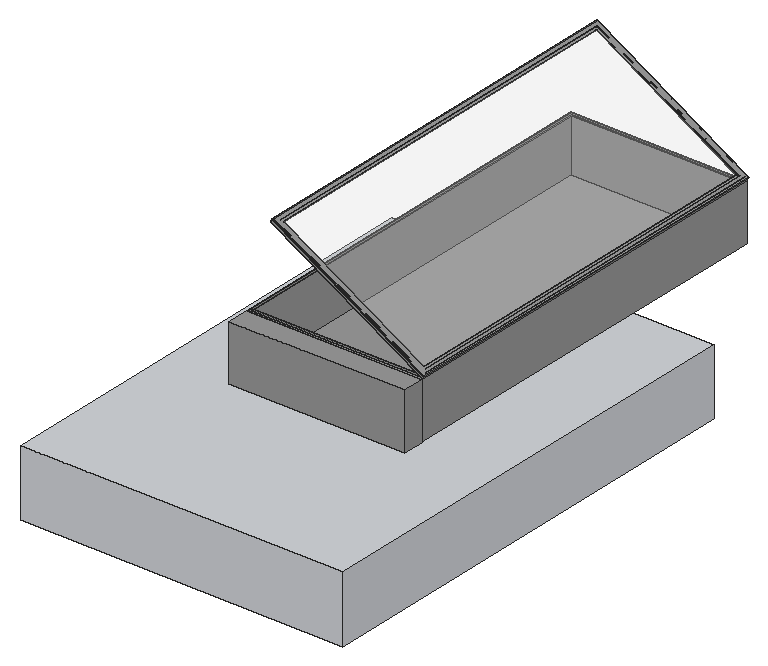
Revit family "Hager-Univers-IP55-D275-H1950-Cl.I-Steel_encl-AT-de", category Equipement électrique, Revit 2020
Family settings
  Hôte = Face
  Configuration du panneau = Deux colonnes, circuits au sein
  Cote de connecteur circulaire = Utiliser le diamètre
  Type d'élément = Tableau de raccordement
  Couper avec des vides une fois chargée = Non
  Partagée = Non
  Point de calcul de pièce = Non
Parameters (values of type "Bodenaufstellung IP55 B800 H1950 T275  - FR23K1")
  Width Control [instance] = if([EF000008 - Breite] > Min Width, [EF000008 - Breite], Min Width)  # 800 mm
  Commentaires du type = [HG000003 - Bereich]  # "Univers"
  Thickness Door [instance] = if([EF009171 - Materialstärke Tür/Deckel] > 3 mm, 3 mm, [EF009171 - Materialstärke Tür/Deckel])  # 1.5 mm
  Seal Frame Offset [instance] = 17 mm  # constant formula
  Plinth Visibility [instance] = [HG000027 - Sockelhöhe] > 0 mm  # yes
  Model = ""
  Min Width [instance] = 100 mm  # constant formula
  Min Height [instance] = 100 mm  # constant formula
  Min Depth [instance] = (2 * [EF009170 - Materialstärke Gehäuse]) + 1 mm  # 4 mm
  Internal Frame Depth [instance] = (Door System Depth * 0.5)  # 9 mm
  Height Control [instance] = if([EF000040 - Höhe] > Min Height, [EF000040 - Höhe], Min Height)  # 1950 mm
  HG000027 - Sockelhöhe = 100 mm
  HG000026 - Stehend auf dem Boden = yes
  HG000024 - Höhe des unteren Teils = 800 mm
  HG000023 - Gehäuse mit doppeltem Querschnitt = no
  HG000016 - 3D-Türsichtbarkeit [instance] = yes
  HG000015 - Sichtbarkeit der Türöffnung [instance] = no
  HG000014 - Tür rechts [instance] = yes
  HG000013 - Tür links [instance] = not([HG000014 - Tür rechts])  # no
  HG000012 - Türschwenkwinkel [instance] = 30.00°
  HG000010 - Asymmetrische Türen = no
  HG000009 - Doppelflügeligen Tür = no
  HG000006 - Unterputz = no
  HG000004 - Herstellerreferenz = "FR23K1"
  HG000003 - Bereich = "Univers"
  HG000002 - Mit tür = yes
  Frame Offset Bottom [instance] = 10 mm  # constant formula
  Frame Offset [instance] = 15 mm  # constant formula
  EF015940 - Deckel mit Überdruckentlastung = no
  EF011959 - Schutzart (NEMA) = ""
  EF009554 - Anzahl der Öffnungen für Flanschplatten = 6
  Fabricant = "Hager"  # constant formula
  EF009212 - Ausführung Deckel = "EV000116 - geschlossen"
  EF009171 - Materialstärke Tür/Deckel = 1.5 mm
  EF009170 - Materialstärke Gehäuse = 1.5 mm
  EF008873 - Nennstrom (In) = 800 A
  EF007800 - Geeignet für Blitzschutz = no
  EF006306 - Mit Schloss = no
  EF006244 - Transparenter Deckel/Tür = yes
  EF005474 - Schutzart (IP) = "EV006420 - IP55"
  EF004464 - Art der Tür = "EV002646 - Einzel"
  EF004427 - Anzahl der Module = 432
  EF004293 - Schlagfestigkeit = "EV008784 - IK10"
  EF003532 - Geeignet für Außengebrauch = no
  EF002950 - Breite in Teilungseinheiten = 24
  EF001613 - Funktionserhalt = "EV000494 - ohne"
  EF001596 - Werkstoff des Gehäuses = "EV000179 - Stahl"
  EF001131 - Innentiefe = 275 mm
  EF001088 - Anbaumöglichkeit = yes
  EF000437 - Anzahl der Leitungseinführungen = 6
  EF000339 - Art der Abdeckung = "EV004216 - Tür"
  EF000266 - Anzahl der Reihen = 12
  EF000218 - Einbautiefe = 0 mm
  EF000118 - Mit Montageplatte = no
  EF000116 - RAL-Nummer = "7035"
  EF000049 - Tiefe = 275 mm
  EF000040 - Höhe = 1950 mm
  EF000008 - Breite = 800 mm
  EF000007 - Farbe = "EV000270 - grau"
  EF000003 - Montageart = "EV012274 - Bodenaufstellung"
  Door System Leaf Tolerance [instance] = 1.5 mm  # constant formula
  Door System Depth [instance] = 18 mm  # constant formula
  Door Height [instance] = Height Control - [HG000027 - Sockelhöhe]  # 1850 mm
  Depth Control [instance] = if([EF000049 - Tiefe] > Min Depth, [EF000049 - Tiefe], Min Depth)  # 275 mm
  Default Elevation = 0 mm
  Connector Offset [instance] = Height Control / 2  # 975 mm
  Bottom Top Plate Trim [instance] = 1.5 mm  # constant formula
  Plinth height Ctrl [instance] = if([HG000027 - Sockelhöhe] > 0 mm, [HG000027 - Sockelhöhe], 12 mm)  # 100 mm
Types (11, lengths in mm): name | Width Control | HG000010 - Asymmetrische Türen | HG000009 - Doppelflügeligen Tür | HG000004 - Herstellerreferenz | EF009554 - Anzahl der Öffnungen für Flanschplatten | EF006244 - Transparenter Deckel/Tür | EF004464 - Art der Tür | EF004427 - Anzahl der Module | EF000437 - Anzahl der Leitungseinführungen | EF000008 - Breite
  Bodenaufstellung IP55 B1050 H1950 T275  - FR24E1 | 1050 | yes | yes | "FR24E1" | 8 | no | "EV003602 - Doppel" | 576 | 8 | 1050
  Bodenaufstellung IP55 B1050 H1950 T275  - FR24K1 | 1050 | yes | yes | "FR24K1" | 8 | yes | "EV003602 - Doppel" | 576 | 8 | 1050
  Bodenaufstellung IP55 B1300 H1950 T275  - FR25E1 | 1300 | yes | yes | "FR25E1" | 10 | no | "EV003602 - Doppel" | 720 | 10 | 1300
  Bodenaufstellung IP55 B1300 H1950 T275  - FR25K1 | 1300 | yes | yes | "FR25K1" | 10 | yes | "EV003602 - Doppel" | 720 | 10 | 1300
  Bodenaufstellung IP55 B1550 H1950 T275  - FR26E1 | 1550 | yes | yes | "FR26E1" | 12 | no | "EV003602 - Doppel" | 864 | 12 | 1550
  Bodenaufstellung IP55 B1550 H1950 T275  - FR26K1 | 1550 | yes | yes | "FR26K1" | 12 | yes | "EV003602 - Doppel" | 864 | 12 | 1550
  Bodenaufstellung IP55 B300 H1950 T275  - FR21E1 | 300 | no | no | "FR21E1" | 2 | no | "EV002646 - Einzel" | 144 | 2 | 300
  Bodenaufstellung IP55 B550 H1950 T275  - FR22E1 | 550 | no | no | "FR22E1" | 4 | no | "EV002646 - Einzel" | 288 | 4 | 550
  Bodenaufstellung IP55 B550 H1950 T275  - FR22K1 | 550 | no | no | "FR22K1" | 4 | yes | "EV002646 - Einzel" | 288 | 4 | 550
  Bodenaufstellung IP55 B800 H1950 T275  - FR23E1 | 800 | no | no | "FR23E1" | 6 | no | "EV002646 - Einzel" | 432 | 6 | 800
  Bodenaufstellung IP55 B800 H1950 T275  - FR23K1 | 800 | no | no | "FR23K1" | 6 | yes | "EV002646 - Einzel" | 432 | 6 | 800
Reference planes
  plane 1 "Center (Front/Back)": y = 0
  plane 2: z = 0
  plane 3 "Center (Left/Right)": x = 0
  plane 4: z = 275
  plane 5: y = 101.5
  plane 6: y = 1025
  plane 7: y = 100
  plane 8: y = 1950
  plane 9: z = 0
  plane 10: x = -385
  plane 11: x = 385
  plane 12: x = 383.5
  plane 13: x = -383.5
  plane 14: y = 1948.5
  plane 15: x = -383
  plane 16: x = -400
  plane 17: x = 383
  plane 18: x = 400
  plane 19: x = 398.5
  plane 20: x = -398.5
  plane 21: y = 111.5
  plane 22: y = 1950
  plane 23: y = 1933.5
  plane 24: z = 257
  plane 25: z = 1.5
  plane 26: z = 255.5
  plane 27: z = 273.5
Forms (mm)
  Extrusion 1, solid
    sketch origin (0, 0, 0) x (1, 0, 0) y (0, 1, 0)
      loop
        line (-702.964, 1305) -> (-702.964, -811.445) -> (766.763, -811.445) -> (766.763, 1305) -> (-702.964, 1305)
    from 0 to -304.8
  Extrusion 2, solid, material "Hager_Steel_RAL7035_Light_Grey", visible <- "Plinth Visibility", detail levels medium+fine
    sketch origin (0, 0, 0) x (1, 0, 0) y (0, 1, 0)
      loop
        line (-400, 0) -> (400, 0) -> (400, 100) -> (-400, 100) -> (-400, 0)
    from 0 to 257
  Extrusion 3, solid, material "Hager_Steel_RAL7035_Light_Grey", detail levels medium+fine
    sketch origin (0, 0, 0) x (1, 0, 0) y (0, 1, 0)
      loop
        line (-400, 100) -> (400, 100) -> (400, 1950) -> (-400, 1950) -> (-400, 100)
    from 0 to 257
  Extrusion 4, void
    sketch origin (0, 0, 0) x (1, 0, 0) y (0, 1, 0)
      loop
        line (-398.5, 101.5) -> (398.5, 101.5) -> (398.5, 1948.5) -> (-398.5, 1948.5) -> (-398.5, 101.5)
    from 1.5 to 255.5
  Extrusion 5, void
    sketch origin (-381.607, -4572, 257) x (0, -1, 0) y (-1, 0, 0)
      loop
        line (-4683.5, 1.893) -> (-6505.5, 1.893) -> (-6505.5, -765.107) -> (-4683.5, -765.107) -> (-4683.5, 1.893)
    from 0 to 1.5 <- "EF009170 - Materialstärke Gehäuse"
  Extrusion 6, solid, material "Hager_Steel_RAL7035_Light_Grey", detail levels fine
    sketch origin (0, 0, 257) x (1, 0, 0) y (0, 1, 0)
      loop
        line (-383.5, 1933.5) -> (-383.5, 111.5) -> (383.5, 111.5) -> (383.5, 1933.5) -> (-383.5, 1933.5)
      loop
        line (-385, 110) -> (385, 110) -> (385, 1935) -> (-385, 1935) -> (-385, 110)
    from 0 to 9 <- "Internal Frame Depth"
  Extrusion 7, solid, material "Hager_Steel_RAL7035_Light_Grey", detail levels coarse
    sketch origin (0, 0, 0) x (1, 0, 0) y (0, 1, 0)
      loop
        line (-400, 0) -> (400, 0) -> (400, 1950) -> (-400, 1950) -> (-400, 0)
    from 0 to 275
  Sweep 8, void
    path in 3D
      loop
        line (-400, 100, 0) -> (400, 100, 0) -> (400, 100, 257) -> (-400, 100, 257) -> (-400, 100, 0)
    profile origin (-400, 100, 128.5) x (-1, 0, 0) y (0, -1, 0)
      loop
        line (0, 0) -> (0, 1.5) -> (-1.5, 1.5)
        arc (-1.5, 1.5) -> (-1.061, 0.439) -> (0, 0) r 1.5
Cuts and joins
  Extrusion 4, Extrusion 5 cuts Extrusion 3
  Sweep 8 cuts Extrusion 2
Lines and regions (mm)
  Masking region 1
    outline origin (0, 0, 0) x (1, 0, 0) y (0, 0, 1)
      loop
        line (-400, 275) -> (-400, 0) -> (400, 0) -> (400, 275) -> (-400, 275)
  Masking region 2, detail levels medium+fine
    outline origin (0, 140, 0) x (0, 1, 0) y (0, 0, 1)
      loop
        line (-40, 0) -> (1810, 0) -> (1810, 257) -> (-40, 257) -> (-40, 0)
  Masking region 3, not visible, detail levels medium+fine
    outline origin (0, 297.922, 0) x (0, 1, 0) y (0, 0, 1)
      loop
        line (738.578, 0) -> (778.578, 0) -> (778.578, 263.5)
        arc (778.578, 263.5) -> (775.649, 270.571) -> (768.578, 273.5) r 10
        line (768.578, 273.5) -> (738.578, 273.5) -> (738.578, 0)
  Masking region 4, detail levels coarse
    outline origin (0, 0, 180) x (0, 1, 0) y (0, 0, 1)
      loop
        line (0, -180) -> (1950, -180) -> (1950, 95) -> (0, 95) -> (0, -180)
  Masking region 5, visible <- "Plinth Visibility", detail levels medium+fine
    outline origin (0, 52.24, 12.345) x (0, 0, -1) y (0, 1, 0)
      loop
        line (10.845, 47.76) -> (-243.155, 47.76)
        arc (-243.155, 47.76) -> (-243.594, 46.699) -> (-244.655, 46.26) r 1.5
        line (-244.655, 46.26) -> (-244.655, -52.24) -> (12.345, -52.24) -> (12.345, 46.26)
        arc (12.345, 46.26) -> (11.285, 46.699) -> (10.845, 47.76) r 1.5
  Masking region 6, detail levels medium+fine
    outline origin (-381.607, -4572, 257) x (-1, 0, 0) y (0, -1, 0)
      loop
        line (18.393, -6522) -> (18.393, -4672) -> (-781.607, -4672) -> (-781.607, -6522) -> (18.393, -6522)
  Masking region 7, visible <- "Plinth Visibility", detail levels medium+fine
    outline origin (-381.607, -4727, 257) x (-1, 0, 0) y (0, -1, 0)
      loop
        arc (16.893, -4827) -> (17.332, -4825.939) -> (18.393, -4825.5) r 1.5
        line (18.393, -4825.5) -> (18.393, -4727) -> (-781.607, -4727) -> (-781.607, -4825.5)
        arc (-781.607, -4825.5) -> (-780.546, -4825.939) -> (-780.107, -4827) r 1.5
        line (-780.107, -4827) -> (16.893, -4827)
  Masking region 8, detail levels coarse
    outline origin (-442.548, -4669.526, 257) x (-1, 0, 0) y (0, -1, 0)
      loop
        line (-42.548, -6619.526) -> (-42.548, -4669.526) -> (-842.548, -4669.526) -> (-842.548, -6619.526) -> (-42.548, -6619.526)
  sketch lines
    curve 1: line (-400, 100, 257) -> (-400, 100, 0)
    curve 2: line (400, 100, 257) -> (-400, 100, 257)
    curve 3: line (400, 100, 257) -> (400, 100, 0)
    curve 4: line (-400, 100, 0) -> (400, 100, 0)
Dimensions and locks
  "Depth Control": plane 4 to Extrusion 1
  "HG000027 - Sockelhöhe": plane 1 "Center (Front/Back)" to plane 7
  "EF009170 - Materialstärke Gehäuse": plane 5 to plane 7
  locked: connector elem to plane 3 "Center (Left/Right)"
  equal spacing: plane 8, plane 6, plane 7
  locked: connector elem to plane 6
  "EF009170 - Materialstärke Gehäuse": plane 8 to plane 14
  "EF009170 - Materialstärke Gehäuse": plane 10 to plane 13
  "EF009170 - Materialstärke Gehäuse": plane 12 to plane 11
  "Frame Offset": plane 20 to plane 13
  "Frame Offset": plane 12 to plane 19
  "EF009170 - Materialstärke Gehäuse": plane 16 to plane 20
  "EF009170 - Materialstärke Gehäuse": plane 19 to plane 18
  "Seal Frame Offset": plane 16 to plane 15
  "Seal Frame Offset": plane 17 to plane 18
  "Frame Offset Bottom": plane 21 to plane 5
  "Frame Offset": plane 14 to plane 23
  equal spacing: plane 16, plane 3 "Center (Left/Right)", plane 18
  "Width Control": plane 16 to plane 18
  "EF009170 - Materialstärke Gehäuse": plane 4 to plane 27
  "EF009170 - Materialstärke Gehäuse": plane 24 to plane 26
  "EF009170 - Materialstärke Gehäuse": plane 25 to level
  "Door System Depth": plane 4 to plane 24
  "Height Control": plane 1 "Center (Front/Back)" to Extrusion 7 sketch curve
  "Height Control": Masking region 4 sketch curve to plane 1 "Center (Front/Back)"
  "Height Control": plane 1 "Center (Front/Back)" to plane 22
  "Bottom Top Plate Trim": profile plane to Sweep 8 sketch curve
  "Bottom Top Plate Trim": Sweep 8 sketch curve to profile plane
  "Plinth height Ctrl": plane 1 "Center (Front/Back)" to Extrusion 2 sketch curve
  "Plinth height Ctrl": Masking region 5 sketch curve to plane 1 "Center (Front/Back)"
  "Plinth height Ctrl": plane 1 "Center (Front/Back)" to Masking region 7 sketch curve
  "Thickness Door": Extrusion 6 sketch curve to Extrusion 6 sketch curve  (x3)
  "Thickness Door": cut or joined group of Extrusion 3, Extrusion 4, Extrusion 5 to Extrusion 6 sketch curve
  radius of Masking region 3 sketch curve = 10 mm
  "Bottom Top Plate Trim": radius of Masking region 5 sketch curve  (x2)
  "Bottom Top Plate Trim": radius of Sweep 8 sketch curve
  "Bottom Top Plate Trim": radius of Masking region 7 sketch curve  (x2)
  aligned and locked: plane 2 to Extrusion 1
  aligned and locked: level to Extrusion 1
  aligned and locked: level to Masking region 1 sketch curve
  aligned and locked: Masking region 1 sketch curve to plane 18
  aligned and locked: Masking region 1 sketch curve to plane 16
  aligned and locked: plane 7 to Masking region 2 sketch curve
  aligned and locked: level to Masking region 3 sketch curve
  aligned and locked: Masking region 3 sketch curve to plane 27
  aligned and locked: level to Masking region 2 sketch curve
  aligned and locked: plane 1 "Center (Front/Back)" to Extrusion 2 sketch curve
  aligned and locked: Extrusion 3 sketch curve to plane 7
  aligned and locked: plane 16 to Extrusion 3 sketch curve
  aligned and locked: plane 18 to Extrusion 3 sketch curve
  aligned and locked: plane 20 to Extrusion 4 sketch curve
  aligned and locked: plane 19 to Extrusion 4 sketch curve
  aligned and locked: Extrusion 4 sketch curve to plane 5
  aligned and locked: Extrusion 4 to plane 25
  aligned and locked: plane 26 to Extrusion 4
  aligned and locked: plane 24 to Extrusion 3
  aligned and locked: Extrusion 5 sketch curve to plane 21
  aligned and locked: Extrusion 5 sketch curve to plane 13
  aligned and locked: Extrusion 5 sketch curve to plane 12
  aligned and locked: plane 18 to Extrusion 7 sketch curve
  aligned and locked: plane 1 "Center (Front/Back)" to Extrusion 7 sketch curve
  aligned and locked: plane 16 to Extrusion 7 sketch curve
  aligned and locked: plane 4 to Extrusion 7
  aligned and locked: Extrusion 7 to level
  aligned and locked: level to Masking region 4 sketch curve
  aligned and locked: Masking region 4 sketch curve to plane 1 "Center (Front/Back)"
  aligned and locked: Masking region 4 sketch curve to plane 4
  aligned and locked: nested 1 to level
  aligned and locked: nested 1 to plane 16
  aligned and locked: plane 8 to Extrusion 3 sketch curve
  aligned and locked: plane 23 to Extrusion 5 sketch curve
  aligned and locked: plane 14 to Extrusion 4 sketch curve
  aligned and locked: Masking region 2 sketch curve to plane 8
  aligned and locked: level to Masking region 5 sketch curve
  aligned and locked: plane 16 to Extrusion 2 sketch curve
  aligned and locked: plane 18 to Extrusion 2 sketch curve
  aligned and locked: Masking region 5 sketch curve to plane 24
  aligned and locked: Masking region 2 sketch curve to plane 24
  aligned and locked: plane 24 to Extrusion 2
  aligned and locked: profile plane to Sweep 8 sketch curve  (x2)
  aligned and locked: Masking region 6 sketch curve to plane 18
  aligned and locked: Masking region 6 sketch curve to plane 22
  aligned and locked: Masking region 6 sketch curve to plane 16
  aligned and locked: plane 8 to plane 22
  aligned and locked: Masking region 6 sketch curve to plane 7
  aligned and locked: Masking region 7 sketch curve to plane 16
  aligned and locked: Masking region 7 sketch curve to plane 1 "Center (Front/Back)"
  aligned and locked: Masking region 7 sketch curve to plane 18
  aligned and locked: Masking region 8 sketch curve to plane 1 "Center (Front/Back)"
  aligned and locked: Masking region 8 sketch curve to plane 18
  aligned and locked: Masking region 8 sketch curve to plane 22
  aligned and locked: Masking region 8 sketch curve to plane 16
  aligned and locked: nested 2 to plane 7
  aligned and locked: plane 3 "Center (Left/Right)" to nested 2
  aligned and locked: nested 2 to plane 24
  aligned and locked: Extrusion 6 sketch curve to cut or joined group of Extrusion 3, Extrusion 4, Extrusion 5  (x4)
Automatic sketch dimensions
  Extrusion 1 sketch curve to Extrusion 1 sketch curve = 1469.727 mm
  Extrusion 1 sketch curve to Extrusion 1 sketch curve = 2116.445 mm
  Masking region 1 sketch curve to plane 4 = 0 mm
  plane 6 to Masking region 3 sketch curve = 11.5 mm
  Masking region 3 sketch curve to Masking region 3 sketch curve = 30 mm
  Masking region 5 sketch curve to plane 1 "Center (Front/Back)" = 0 mm
Nested families
  nested 1: "Hager_Enclosure_Symbol" at (-400, 0, 0) x (1, 0, 0) z (0, -1, 0), Height <- "Depth Control", Width <- "Width Control", type "Hager_Enclosure_Symbol"
    with Width_Ctrl 800 mm, Width 800 mm, Height_Ctrl 275 mm, Height 275 mm, A_Width_Int 18.047 mm, A_Width 216.562 mm, A_Height_Ctrl 240.625 mm, A_Height 240.625 mm
  nested 2: "EC000058_Univers_Door" at (0, 100, 257) x (1, 0, 0) z (0, 1, 0), Leaf_Tolerance <- "Door System Leaf Tolerance", Angle <- "HG000012 - Türschwenkwinkel", Door_Depth <- "Door System Depth", Door_Left <- "HG000013 - Tür links", Transparent <- "EF006244 - Transparenter Deckel/Tür", Assymetrical <- "HG000010 - Asymmetrische Türen", Width <- "Width Control", Clearance <- "HG000015 - Sichtbarkeit der Türöffnung", Double <- "HG000009 - Doppelflügeligen Tür", 3d_Door <- "HG000016 - 3D-Türsichtbarkeit", Lock_Visibility <- "EF006306 - Mit Schloss", Width_Ctrl <- "Width Control", Door_Right <- "HG000014 - Tür rechts", Door <- "HG000002 - Mit tür", Height <- "Door Height", Thickness <- "Thickness Door", type "EC000058_Univers_Door", detail levels medium+fine
    with min_wh 4 mm, Width_Ctrl 800 mm, Width 800 mm, Transparent yes, Thickness 1.5 mm, Seal_Material Hager_Rubber, Lock_Visibility no, Lock_Material Hager_Plastic_RAL9005_Jet_Black, Leaf_Width 800 mm, Leaf_Tolerance_External_Sides 0 mm, Leaf_Tolerance 1.5 mm, Leaf_Offset 0 mm, Leaf_Height 1847 mm, Leaf_2_Width 800 mm, Leaf_2_Offset 400 mm, Leaf_1_Width 800 mm, Leaf_1_Offset 400 mm, Height_Ctrl 1850 mm, Height 1850 mm, Glass_Material Hager_Glass, Double_Clearance_Ctrl no, Double no, Door_Right_Ctrl yes, Door_Right yes, Door_Material Hager_Steel_RAL7035_Light_Grey, Door_Left_Ctrl no, Door_Left no, Door_Depth 18 mm, Door yes, Clearance_Material Hager_Clearance, Clearance_Depth 800 mm, Clearance_Ctrl no, Clearance no, Assymetrical no, Angle 30.00°, 3d_Door yes
Connectors
  electrical at (0, 1025, 0)
    settings: on plane 9, index 1, voltage 0 V, apparent load 0 VA, apparent load phase1 0 VA, apparent load phase2 0 VA, apparent load phase3 0 VA, power factor 1, load classification "Other", number of poles 1, system type 30, power factor state 1, is connector primary yes, connector utility no, sub classification motor no, connector description ""
Definition of nested family "EC000058_Univers_Door"
  Parameters (values of type "EC000058_Univers_Door")
    min_wh [instance] = (2 * Thickness) + 1 mm  # 11 mm
    Width_Ctrl [instance] = 400 mm
    Width [instance] = 500 mm
    Transparent [instance] = yes
    Thickness [instance] = 5 mm
    Seal_Material [instance] = none
    Lock_Visibility [instance] = yes
    Lock_Material [instance] = none
    Leaf_Width [instance] = if((Width_Ctrl - 2 * Leaf_Tolerance_External_Sides) > 0 mm, (Width_Ctrl - 2 * Leaf_Tolerance_External_Sides), min_wh)  # 400 mm
    Leaf_Tolerance_External_Sides [instance] = 0 mm  # constant formula
    Leaf_Tolerance [instance] = 1.5 mm
    Leaf_Offset [instance] = 0 mm  # constant formula
    Leaf_Height [instance] = if((Height_Ctrl - 2 * Leaf_Tolerance) > 0 mm, (Height_Ctrl - 2 * Leaf_Tolerance), min_wh)  # 497 mm
    Leaf_2_Width [instance] = if(and(and(Double, Assymetrical), Door_Left), (Leaf_Width / 3) - (Leaf_Tolerance / 2), if(and(and(Double, Assymetrical), Door_Right), (Leaf_Width / 3) * 2 - (Leaf_Tolerance / 2), if(and(Double, not(Assymetrical)), (Leaf_Width / 2) - Leaf_Tolerance, Leaf_Width)))  # 400 mm
    Leaf_2_Offset [instance] = if(and(Double, Assymetrical), Leaf_2_Width / 2, if(and(Double, not(Assymetrical)), Leaf_Width / 4, Leaf_Width / 2))  # 200 mm
    Leaf_1_Width [instance] = if(and(and(Double, Assymetrical), Door_Right), (Leaf_Width / 3) - (Leaf_Tolerance / 2), if(and(and(Double, Assymetrical), Door_Left), (Width / 3) * 2 - (Leaf_Tolerance / 2), if(and(Double, not(Assymetrical)), (Leaf_Width / 2) - Leaf_Tolerance, Leaf_Width)))  # 400 mm
    Leaf_1_Offset [instance] = if(and(Double, Assymetrical), Leaf_1_Width / 2, if(and(Double, not(Assymetrical)), Leaf_Width / 4, Leaf_Width / 2))  # 200 mm
    Height_Ctrl [instance] = if(Height > min_wh, Height, min_wh)  # 500 mm
    Height [instance] = 500 mm
    Glass_Material [instance] = none
    Double_Clearance_Ctrl [instance] = and(Double, Clearance)  # no
    Double [instance] = no
    Door_Right_Ctrl [instance] = and(or(Door_Right, Double), Door)  # yes
    Door_Right [instance] = yes
    Door_Material [instance] = none
    Door_Left_Ctrl [instance] = and(or(Door_Left, Double), Door)  # no
    Door_Left [instance] = no
    Door_Depth [instance] = 30 mm
    Door [instance] = yes
    Default Elevation = 1219.2 mm
    Clearance_Material [instance] = none
    Clearance_Depth [instance] = if(Leaf_1_Width > Leaf_2_Width, Leaf_1_Width, Leaf_2_Width)  # 400 mm
    Clearance_Ctrl [instance] = and(not(Double), Clearance)  # yes
    Clearance [instance] = yes
    Assymetrical [instance] = yes
    Angle [instance] = 30.00°
    3d_Door [instance] = yes
  Reference planes
    plane 1 "Center (Front/Back)": y = 0
    plane 2 "Bottom": z = 0
    plane 3 "Center (Left/Right)": x = 0
    plane 4: z = 500
    plane 5: x = -200
    plane 6: x = 200
    plane 7: z = 500
    plane 8: x = -200
    plane 9: z = 0
    plane 10: x = 200
    plane 11: y = 0
    plane 12: z = 1.5
    plane 13: x = -600
    plane 14: y = -400
    plane 15: x = 600
    plane 16: x = 0
    plane 17: x = 0
    plane 18: x = -200
    plane 19: x = 200
    plane 20: z = 498.5
  Forms (mm)
    Extrusion 1, solid, material <- "Clearance_Material", visible <- "Double_Clearance_Ctrl"
      sketch origin (1200, 0, 0) x (1, 0, 0) y (0, 0, -1)
        loop
          line (-1800, -498.5) -> (-600, -498.5) -> (-600, 0) -> (-1800, 0) -> (-1800, -498.5)
      from 0 to -400
  Dimensions and locks
    equal spacing: plane 5, plane 3 "Center (Left/Right)", plane 6
    "Width_Ctrl": plane 5 to plane 6
    "Leaf_Offset": plane 5 to plane 8
    "Leaf_Offset": plane 6 to plane 10
    "Leaf_Offset": plane 9 to level
    "Leaf_Offset": plane 4 to plane 7
    "Height_Ctrl": plane 4 to level
    "Leaf_Tolerance": plane 12 to plane 9
    locked: plane 11 to plane 1 "Center (Front/Back)"
    "Leaf_1_Offset": plane 18 to plane 16
    "Leaf_2_Offset": plane 17 to plane 19
    "Leaf_1_Width": plane 13 to plane 8
    "Leaf_2_Width": plane 10 to plane 15
    "Clearance_Depth": plane 14 to plane 1 "Center (Front/Back)"
    "Leaf_Tolerance_External_Sides": plane 8 to plane 18
    "Leaf_Tolerance_External_Sides": plane 19 to plane 10
    "Leaf_Tolerance": plane 7 to plane 20
    aligned and locked: level to plane 2 "Bottom"
    aligned and locked: nested 1 to plane 16
    aligned and locked: nested 2 to plane 17
    aligned and locked: Extrusion 1 to plane 13
    aligned and locked: plane 15 to Extrusion 1
    aligned and locked: Extrusion 1 to plane 14
    aligned and locked: plane 12 to nested 1
    aligned and locked: nested 2 to plane 12
    aligned and locked: Extrusion 1 to plane 11
    aligned and locked: plane 20 to Extrusion 1
    aligned and locked: nested 2 to plane 11
    aligned and locked: nested 1 to plane 11
  Automatic sketch dimensions
    Extrusion 1 sketch curve to level = 0 mm
    plane 5 to Extrusion 1 sketch curve = 400 mm
    plane 6 to Extrusion 1 sketch curve = 400 mm
    Extrusion 1 sketch curve to plane 4 = 1.5 mm
  Nested families
    nested 1: "EC000058_Univers_Door_Leaf" at (0, 0, 1.5), Width <- "Leaf_1_Width", visible <- "Door_Left_Ctrl", Leaf_Height <- "Leaf_Height", Angle <- "Angle", 3d_Door <- "3d_Door", Transparent <- "Transparent", Clearance Material <- "Clearance_Material", Clearance <- "Clearance_Ctrl", Door_Material <- "Door_Material", Glass_Material <- "Glass_Material", Door_Depth <- "Door_Depth", Lock_Material <- "Lock_Material", Seal_Material <- "Seal_Material", Lock_Visibility <- "Lock_Visibility", Thickness <- "Thickness", type "EC000058_Univers_Door_Leaf"
      with Width 400 mm, Transparent_Glass_Offset 30 mm, Transparent_Ctrl yes, Transparent yes, Thickness 5 mm, Standard no, Seal_Material none, Seal_D2 8 mm, Seal_D1 1 mm, Offset_Internal_Frame 10 mm, Lock_Width 20 mm, Lock_Visibility_3d yes, Lock_Visibility yes, Lock_Thickness_3 3 mm, Lock_Thickness_2 1 mm, Lock_Thickness_1 3 mm, Lock_Radius_Offset_2 16 mm, Lock_Radius_Offset_1 15 mm, Lock_Radius_2 5 mm, Lock_Radius 6 mm, Lock_Offset 5 mm, Lock_Material none, Lock_Height 80 mm, Lock_Cover_Top_Offset_2d 17 mm, Lock_Cover_Height -65 mm, Leaf_Height 497 mm, Internal_Seal_Thickness 8 mm, Internal_Seal_Depth_2 4.5 mm, Internal_Frame_Depth 25 mm, Glass_Thickness -1 mm, Glass_Offset -2 mm, Glass_Material none, Door_Material none, Door_Depth 30 mm, Clearance Material none, Clearance yes, Angle_Ctrl 30.00°, Angle 30.00°, 3d_Door yes
    nested 2: "EC000058_Univers_Door_Leaf" at (0, 0, 1.5) x (-1, 0, 0) z (0, 0, 1), Width <- "Leaf_2_Width", visible <- "Door_Right_Ctrl", Leaf_Height <- "Leaf_Height", Angle <- "Angle", 3d_Door <- "3d_Door", Transparent <- "Transparent", Clearance Material <- "Clearance_Material", Clearance <- "Clearance_Ctrl", Door_Material <- "Door_Material", Glass_Material <- "Glass_Material", Door_Depth <- "Door_Depth", Lock_Material <- "Lock_Material", Seal_Material <- "Seal_Material", Lock_Visibility <- "Lock_Visibility", Thickness <- "Thickness", type "EC000058_Univers_Door_Leaf"
      with Width 400 mm, Transparent_Glass_Offset 30 mm, Transparent_Ctrl yes, Transparent yes, Thickness 5 mm, Standard no, Seal_Material none, Seal_D2 8 mm, Seal_D1 1 mm, Offset_Internal_Frame 10 mm, Lock_Width 20 mm, Lock_Visibility_3d yes, Lock_Visibility yes, Lock_Thickness_3 3 mm, Lock_Thickness_2 1 mm, Lock_Thickness_1 3 mm, Lock_Radius_Offset_2 16 mm, Lock_Radius_Offset_1 15 mm, Lock_Radius_2 5 mm, Lock_Radius 6 mm, Lock_Offset 5 mm, Lock_Material none, Lock_Height 80 mm, Lock_Cover_Top_Offset_2d 17 mm, Lock_Cover_Height -65 mm, Leaf_Height 497 mm, Internal_Seal_Thickness 8 mm, Internal_Seal_Depth_2 4.5 mm, Internal_Frame_Depth 25 mm, Glass_Thickness -1 mm, Glass_Offset -2 mm, Glass_Material none, Door_Material none, Door_Depth 30 mm, Clearance Material none, Clearance yes, Angle_Ctrl 30.00°, Angle 30.00°, 3d_Door yes
  Definition of nested family "EC000058_Univers_Door_Leaf"
    Parameters (values of type "EC000058_Univers_Door_Leaf")
      Width [instance] = 2000 mm
      Transparent_Glass_Offset [instance] = 30 mm
      Transparent_Ctrl [instance] = and(Transparent, [3d_Door])  # yes
      Transparent [instance] = yes
      Thickness [instance] = 5 mm
      Standard [instance] = and(not(Transparent), [3d_Door])  # no
      Seal_Material [instance] = none
      Seal_D2 [instance] = 8 mm  # constant formula
      Seal_D1 [instance] = 1 mm  # constant formula
      Offset_Internal_Frame [instance] = 10 mm  # constant formula
      Lock_Width [instance] = 20 mm  # constant formula
      Lock_Visibility_3d [instance] = and(Lock_Visibility, [3d_Door])  # yes
      Lock_Visibility [instance] = yes
      Lock_Thickness_3 [instance] = 3 mm  # constant formula
      Lock_Thickness_2 [instance] = 1 mm  # constant formula
      Lock_Thickness_1 [instance] = 3 mm  # constant formula
      Lock_Radius_Offset_2 [instance] = Lock_Radius_Offset_1 + 1 mm  # 16 mm
      Lock_Radius_Offset_1 [instance] = 15 mm  # constant formula
      Lock_Radius_2 [instance] = Lock_Radius - 1 mm  # 5 mm
      Lock_Radius [instance] = 6 mm  # constant formula
      Lock_Offset [instance] = 5 mm  # constant formula
      Lock_Material [instance] = none
      Lock_Height [instance] = 80 mm  # constant formula
      Lock_Cover_Top_Offset_2d [instance] = Lock_Radius_Offset_2 + 1 mm  # 17 mm
      Lock_Cover_Height [instance] = -(Lock_Height - Lock_Radius_Offset_1)  # -65 mm
      Leaf_Height [instance] = 2720.336 mm
      Internal_Seal_Thickness [instance] = 8 mm  # constant formula
      Internal_Seal_Depth_2 [instance] = 4.5 mm  # constant formula
      Internal_Frame_Depth [instance] = if(Door_Depth - Thickness > 5 mm, Door_Depth - Thickness, 5 mm)  # 25 mm
      Glass_Thickness [instance] = if(Thickness > 15 mm, Glass_Offset + 10 mm, -1 mm)  # -1 mm
      Glass_Offset [instance] = if(Thickness > 15 mm, -(Thickness + 10 mm) / 2, -2 mm)  # -2 mm
      Glass_Material [instance] = none
      Door_Material [instance] = none
      Door_Depth [instance] = 30 mm
      Default Elevation = 0 mm
      Clearance Material [instance] = none
      Clearance [instance] = yes
      Angle_Ctrl [instance] = if(Angle > 180.00°, 180.00°, Angle)  # 90.00°
      Angle [instance] = 90.00°
      3d_Door [instance] = yes
    Reference planes
      plane 1 "Center (Front/Back)": y = 0
      plane 2: z = 0
      plane 3 "Center (Left/Right)": x = 0
      plane 4: y = 2000
      plane 5: x = -1000
      plane 6: x = 1000
      plane 7: x = -3000
      plane 8: z = 2720.336
      plane 9: z = 30
      plane 10: z = 2690.336
      plane 11: x = 970
      plane 12: x = -970
      plane 13: y = -3
      plane 14: z = 107.833
      plane 15: y = -5
      plane 16: y = -223.314
      plane 17: x = -1000
      plane 18: z = 1360.168
      plane 19: y = 30
    Forms (mm)
      Extrusion 1, solid, material <- "Clearance Material", visible <- "Clearance"
        sketch origin (0, 0, 0) x (1, 0, 0) y (0, 0, 1)
          loop
            line (-3000, 2720.336) -> (-3000, 0) -> (1000, 0) -> (1000, 2720.336) -> (-3000, 2720.336)
        from 0 to -2000
      Extrusion 2, solid, material <- "Door_Material", visible <- "Standard", detail levels medium+fine
        sketch origin (-1000, 0, 0) x (0, 1, 0) y (-1, 0, 0)
          loop
            line (0, 30) -> (0, 25) -> (2000, 25) -> (2000, 30) -> (0, 30)
        from 0 to 2720.336 <- "Leaf_Height"
      Extrusion 3, solid, material <- "Door_Material", visible <- "Transparent_Ctrl", detail levels medium+fine
        sketch origin (-1000, 0, 0) x (0, 1, 0) y (-1, 0, 0)
          loop
            line (0, 25) -> (2000, 25) -> (2000, 30) -> (0, 30) -> (0, 25)
        from 0 to 2720.336 <- "Leaf_Height"
      Extrusion 4, void
        sketch origin (-1025, 2000, 0) x (0, 1, 0) y (0, 0, -1)
          loop
            line (-30, -2690.336) -> (-30, -30) -> (-1970, -30) -> (-1970, -2690.336) -> (-30, -2690.336)
        from 0 to 5 <- "Thickness"
      Sweep 5, solid, material <- "Seal_Material", visible <- "Transparent_Ctrl", detail levels fine
        path in 3D
          loop
            line (-1025, 30, 30) -> (-1025, 30, 2690.336) -> (-1025, 1970, 2690.336) -> (-1025, 1970, 30) -> (-1025, 30, 30)
        profile origin (-1025, 1000, 30) x (1, 0, 0) y (0, 0, 1)
          loop
            line (0, 0) -> (0, -8) -> (1, -8) -> (1, 0) -> (0, 0)
      Extrusion 6, solid, material <- "Glass_Material", visible <- "Transparent_Ctrl", detail levels medium+fine
        sketch origin (-1030, 0, 0) x (0, 1, 0) y (0, 0, -1)
          loop
            line (1970, -2690.336) -> (1970, -30) -> (30, -30) -> (30, -2690.336) -> (1970, -2690.336)
        from -2 <- "Glass_Offset" to -1 <- "Glass_Thickness"
      Extrusion 7, solid, material <- "Door_Material", visible <- "3d_Door", detail levels medium+fine
        sketch origin (-1025, 2000, 0) x (0, -1, 0) y (0, 0, -1)
          loop
            line (0, -2720.336) -> (2000, -2720.336) -> (2000, 0) -> (0, 0) -> (0, -2720.336)
          loop
            line (1995, -5) -> (5, -5) -> (5, -2715.336) -> (1995, -2715.336) -> (1995, -5)
        from 0 to 25 <- "Internal_Frame_Depth"
      Sweep 8, solid, material <- "Seal_Material", visible <- "Transparent_Ctrl", detail levels fine
        path in 3D
          loop
            line (-1025, 0, 0) -> (-1025, 2000, 0) -> (-1025, 2000, 2720.336) -> (-1025, 0, 2720.336) -> (-1025, 0, 0)
        profile origin (-1025, 0, 1360.168) x (1, 0, 0) y (0, 1, 0)
          loop
            line (0, 10) -> (2.975, 10)
            arc (2.975, 10) -> (4.053, 10.447) -> (4.5, 11.525) r 1.525
            line (4.5, 11.525) -> (4.5, 16.527)
            arc (4.5, 16.527) -> (4.069, 17.569) -> (3.027, 18) r 1.473
            line (3.027, 18) -> (0, 18) -> (0, 10)
      Extrusion 9, solid, material <- "Lock_Material", visible <- "Lock_Visibility_3d", detail levels fine
        sketch origin (-1030, 0, 0) x (0, 1, 0) y (0, 0, -1)
          loop
            arc (1993.5, -1400.168) -> (1994.561, -1399.729) -> (1995, -1398.668) r 1.5
            line (1995, -1398.668) -> (1995, -1320.168) -> (1975, -1320.168) -> (1975, -1398.668)
            arc (1975, -1398.668) -> (1975.439, -1399.729) -> (1976.5, -1400.168) r 1.5
            line (1976.5, -1400.168) -> (1993.5, -1400.168)
        from 3 <- "Lock_Thickness_1" to 0
      Blend 10, solid, material <- "Lock_Material", visible <- "Lock_Visibility_3d", detail levels fine
        base sketch origin (-1033, 0, 0) x (0, 1, 0) y (0, 0, -1)
          loop
            line (1975, -1320.168) -> (1975, -1398.668)
            arc (1975, -1398.668) -> (1975.439, -1399.729) -> (1976.5, -1400.168) r 1.5
            line (1976.5, -1400.168) -> (1993.5, -1400.168)
            arc (1993.5, -1400.168) -> (1994.561, -1399.729) -> (1995, -1398.668) r 1.5
            line (1995, -1398.668) -> (1995, -1320.168) -> (1975, -1320.168)
        top sketch origin (-1033, 0, 0) x (0, 1, 0) y (0, 0, -1)
          loop
            line (1976, -1320.168) -> (1976, -1398.668)
            arc (1976, -1398.668) -> (1976.146, -1399.022) -> (1976.5, -1399.168) r 0.5
            line (1976.5, -1399.168) -> (1993.5, -1399.168)
            arc (1993.5, -1399.168) -> (1993.854, -1399.022) -> (1994, -1398.668) r 0.5
            line (1994, -1398.668) -> (1994, -1320.168) -> (1976, -1320.168)
        from 0 to 1 <- "Lock_Thickness_2"
      Blend 11, solid, material <- "Lock_Material", visible <- "Lock_Visibility_3d", detail levels fine
        base sketch origin (-1034, 0, 0) x (0, 1, 0) y (0, 0, -1)
          loop
            line (1978, -1320.168) -> (1978, -1384.168)
            arc (1978, -1384.168) -> (1985, -1391.168) -> (1992, -1384.168) r 7
            line (1992, -1384.168) -> (1992, -1320.168) -> (1978, -1320.168)
        top sketch origin (-1034, 0, 0) x (0, 1, 0) y (0, 0, -1)
          loop
            line (1991, -1320.168) -> (1979, -1320.168) -> (1979, -1383.168)
            arc (1979, -1383.168) -> (1985, -1389.168) -> (1991, -1383.168) r 6
            line (1991, -1383.168) -> (1991, -1320.168)
        from 0 to 3 <- "Lock_Thickness_3"
      Extrusion 12, solid, material <- "Lock_Material", visible <- "Lock_Visibility_3d", detail levels fine
        sketch origin (-1030, 1975, 1320.168) x (1, 0, 0) y (0, -1, 0)
          loop
            line (-7, -19) -> (-7, -1) -> (0, -1) -> (0, 0) -> (-8, 0) -> (-8, -20) -> (0, -20) -> (0, -19) -> (-7, -19)
        from 0 to -65 <- "Lock_Cover_Height"
      Extrusion 13, void
        sketch origin (-1038, 1995, 1320.168) x (-1, 0, 0) y (0, 0, -1)
          loop
            line (-5, -65) -> (0, -65) -> (-5, -60) -> (-5, -65)
        from 0 to 20 <- "Lock_Width"
      Extrusion 14, void
        sketch origin (-1038, 1975, 1320.168) x (0, -1, 0) y (0, 0, -1)
          loop
            circle (-10, -15.995) r 6
          loop
            circle (-10, -15.995) r 5
        from 0 to 2
      Extrusion 15, solid, material <- "Lock_Material", visible <- "Lock_Visibility_3d", detail levels medium
        sketch origin (-1030, 0, 0) x (0, 1, 0) y (0, 0, -1)
          loop
            arc (1993.5, -1400.168) -> (1994.561, -1399.729) -> (1995, -1398.668) r 1.5
            line (1995, -1398.668) -> (1995, -1320.168) -> (1975, -1320.168) -> (1975, -1398.668)
            arc (1975, -1398.668) -> (1975.439, -1399.729) -> (1976.5, -1400.168) r 1.5
            line (1976.5, -1400.168) -> (1993.5, -1400.168)
        from 8 to 0
    Cuts and joins
      Extrusion 4 cuts Extrusion 3
      Extrusion 13, Extrusion 14 cuts Extrusion 9
      Extrusion 14 cuts Blend 11
      Extrusion 13, Extrusion 14 cuts Extrusion 12
      joined: Extrusion 9, Blend 10, Blend 11, Extrusion 12
      Extrusion 14 cuts Extrusion 15
    Lines and regions (mm)
      Masking region 1, visible <- "Lock_Visibility", detail levels fine
        outline origin (0, 0, 0) x (0, 1, 0) y (0, 0, 1)
          loop
            line (30, 1320.168) -> (33, 1320.168) -> (33, 1400.168) -> (30, 1400.168) -> (30, 1320.168)
      Masking region 2, visible <- "Lock_Visibility", detail levels fine
        outline origin (0, 3.143, 0) x (0, 1, 0) y (0, 0, 1)
          loop
            line (29.857, 1354.168) -> (30.857, 1354.168) -> (30.857, 1366.168) -> (29.857, 1366.168) -> (29.857, 1354.168)
      Masking region 3, detail levels medium+fine
        outline origin (0, 0, 0) x (0, 1, 0) y (0, 0, 1)
          loop
            line (0, 0) -> (30, 0) -> (30, 2720.336) -> (0, 2720.336) -> (0, 0)
      Masking region 4, detail levels medium+fine
        outline origin (0, 0, 0) x (1, 0, 0) y (0, 0, 1)
          loop
            line (-1000, 2720.336) -> (-1000, 0) -> (1000, 0) -> (1000, 2720.336) -> (-1000, 2720.336)
      Masking region 5, visible <- "Lock_Visibility", detail levels fine
        outline origin (-47.116, 0, 0) x (1, 0, 0) y (0, 0, 1)
          loop
            arc (1024.616, 1399.168) -> (1023.556, 1398.729) -> (1023.116, 1397.668) r 1.5
            line (1023.116, 1397.668) -> (1023.116, 1320.168) -> (1041.116, 1320.168) -> (1041.116, 1397.668)
            arc (1041.116, 1397.668) -> (1040.677, 1398.729) -> (1039.616, 1399.168) r 1.5
            line (1039.616, 1399.168) -> (1024.616, 1399.168)
      Masking region 6, visible <- "Lock_Visibility", detail levels medium+fine
        outline origin (-25, 0, 0) x (1, 0, 0) y (0, 0, 1)
          loop
            arc (1001.5, 1400.168) -> (1000.439, 1399.729) -> (1000, 1398.668) r 1.5
            line (1000, 1398.668) -> (1000, 1320.168) -> (1020, 1320.168) -> (1020, 1398.668)
            arc (1020, 1398.668) -> (1019.561, 1399.729) -> (1018.5, 1400.168) r 1.5
            line (1018.5, 1400.168) -> (1001.5, 1400.168)
      Masking region 7, visible <- "Lock_Visibility", detail levels fine
        outline origin (-73.735, 0, 0) x (1, 0, 0) y (0, 0, 1)
          loop
            line (1051.735, 1382.168) -> (1065.735, 1382.168) -> (1065.735, 1384.168)
            arc (1065.735, 1384.168) -> (1058.735, 1391.168) -> (1051.735, 1384.168) r 7
            line (1051.735, 1384.168) -> (1051.735, 1382.168)
      Masking region 8, visible <- "Lock_Visibility", detail levels fine
        outline origin (-73.735, 0, 0) x (1, 0, 0) y (0, 0, 1)
          loop
            line (1052.735, 1382.168) -> (1064.735, 1382.168) -> (1064.735, 1383.168)
            arc (1064.735, 1383.168) -> (1058.735, 1389.168) -> (1052.735, 1383.168) r 6
            line (1052.735, 1383.168) -> (1052.735, 1382.168)
      Masking region 9, visible <- "Lock_Visibility", detail levels fine
        outline origin (-25, 0, 0) x (1, 0, 0) y (0, 0, 1)
          loop
            line (1020, 1320.168) -> (1020, 1382.168) -> (1000, 1382.168) -> (1000, 1320.168) -> (1020, 1320.168)
      Masking region 10, detail levels medium+fine
        outline origin (0, 0, 0) x (1, 0, 0) y (0, 0, 1)
          loop
            circle (985, 1335.144) r 6
      Masking region 11, detail levels fine
        outline origin (0, 0, 0) x (1, 0, 0) y (0, 0, 1)
          loop
            circle (985, 1335.144) r 5
      Masking region 12, visible <- "Lock_Visibility", detail levels fine
        outline origin (0, 12.767, 0) x (0, 1, 0) y (0, 0, 1)
          loop
            line (20.233, 1320.168) -> (21.233, 1320.168) -> (21.233, 1399.168) -> (20.233, 1400.168) -> (20.233, 1320.168)
      Masking region 13, visible <- "Lock_Visibility", detail levels fine
        outline origin (0, 13.767, -10) x (0, 1, 0) y (0, 0, 1)
          loop
            line (20.233, 1330.168) -> (23.233, 1330.168) -> (23.233, 1399.168) -> (20.233, 1402.168) -> (20.233, 1330.168)
      Masking region 14, visible <- "Lock_Visibility", detail levels fine
        outline origin (0, 12.767, -10) x (0, 1, 0) y (0, 0, 1)
          loop
            line (20.233, 1330.168) -> (25.233, 1330.168) -> (25.233, 1399.305) -> (20.233, 1394.305) -> (20.233, 1330.168)
      Masking region 15, visible <- "Lock_Visibility", detail levels medium
        outline origin (0, 0, 0) x (0, 1, 0) y (0, 0, 1)
          loop
            line (30, 1320.168) -> (38, 1320.168) -> (38, 1400.168) -> (30, 1400.168) -> (30, 1320.168)
      Masking region 16, visible <- "Lock_Visibility", detail levels fine
        outline origin (-1000, 0, 0) x (0, 1, 0) y (-1, 0, 0)
          loop
            line (1975, 30) -> (1995, 30) -> (1995, 38) -> (1975, 38) -> (1975, 30)
          loop
            line (1979, 37) -> (1976, 37) -> (1976, 34) -> (1978, 34) -> (1979, 37)
          loop
            line (1994, 37) -> (1991, 37) -> (1992, 34) -> (1994, 34) -> (1994, 37)
      Masking region 17, visible <- "Lock_Visibility", detail levels medium
        outline origin (-1000, 0, 0) x (0, 1, 0) y (-1, 0, 0)
          loop
            line (1975, 30) -> (1995, 30) -> (1995, 38) -> (1975, 38) -> (1975, 30)
      symbolic lines
        curve 1: line (1000, 0, 0) -> (-3000, 0, 0)
        curve 2: arc (1000, 0, 0) -> (-1000, 2000, 0) -> (-3000, 0, 0) r 2000
        curve 4: line (-1030, 0, 0) -> (-1030, 2000, 0)
      reference lines
        curve 3: line (-1000, 0, 0) -> (-1000, 2000, 0)
      symbolic lines, detail levels medium+fine
        curve 5: line (-1030, 2000, 0) -> (-1025, 2000, 0)
        curve 7: line (-1025, 0, 0) -> (-1030, 0, 0)
        curve 8: line (-1025, 0, 0) -> (-1000, 0, 0)
        curve 9: line (-1000, 0, 0) -> (-1000, 2000, 0)
        curve 10: line (-1000, 2000, 0) -> (-1025, 2000, 0)
      symbolic lines, detail levels fine
        curve 6: line (-1025, 2000, 0) -> (-1025, 0, 0)
      sketch lines
        curve 11: line (-1025, 0, 2720.336) -> (-1025, 0, 0)
        curve 12: line (-1025, 2000, 0) -> (-1025, 0, 0)
        curve 13: line (-1025, 2000, 2720.336) -> (-1025, 2000, 0)
        curve 14: line (-1025, 0, 2720.336) -> (-1025, 2000, 2720.336)
        curve 15: line (-1025, 1970, 30) -> (-1025, 30, 30)
        curve 16: line (-1025, 30, 30) -> (-1025, 30, 2690.336)
        curve 17: line (-1025, 1970, 2690.336) -> (-1025, 1970, 30)
        curve 18: line (-1025, 30, 2690.336) -> (-1025, 1970, 2690.336)
      symbolic lines, visible <- "Transparent", detail levels medium+fine
        curve 19: line (-970, 0, 2690.336) -> (970, 0, 2690.336)
        curve 20: line (-970, 0, 30) -> (-970, 0, 2690.336)
        curve 21: line (970, 0, 30) -> (-970, 0, 30)
        curve 22: line (970, 0, 2690.336) -> (970, 0, 30)
    Dimensions and locks
      "Width": plane 1 "Center (Front/Back)" to plane 4
      equal spacing: plane 5, plane 3 "Center (Left/Right)", plane 6
      "Width": plane 5 to plane 6
      "Width": plane 7 to plane 5
      "Leaf_Height": plane 8 to level
      "Width": curve 5 to curve 3
      "Width": curve 3 to curve 3
      plane 8 to plane 10 = 30 mm
      plane 9 to level = 30 mm
      plane 12 to plane 5 = 30 mm
      plane 6 to plane 11 = 30 mm
      Extrusion 1 to Extrusion 4 sketch curve = 30 mm
      "Transparent_Glass_Offset": curve 3 to Extrusion 4 sketch curve
      "Transparent_Glass_Offset": Extrusion 4 sketch curve to cut or joined group of Extrusion 3, Extrusion 4  (x2)
      cut or joined group of Extrusion 3, Extrusion 4 to Extrusion 6 sketch curve = 30 mm
      "Transparent_Glass_Offset": cut or joined group of Extrusion 3, Extrusion 4 to Extrusion 4 sketch curve
      "Thickness": curve 6 to curve 4
      "Thickness": Extrusion 7 sketch curve to Extrusion 7 sketch curve  (x4)
      "Door_Depth": curve 4 to curve 3
      "Offset_Internal_Frame": profile plane to Sweep 8 sketch curve
      "Internal_Seal_Thickness": Sweep 8 sketch curve to Sweep 8 sketch curve
      "Internal_Seal_Depth_2": profile plane to Sweep 8 sketch curve
      "Seal_D1": profile plane to Sweep 5 sketch curve
      "Seal_D2": profile plane to Sweep 5 sketch curve
      "Thickness": Extrusion 2 sketch curve to Extrusion 2 sketch curve
      equal spacing: Extrusion 9 sketch curve, plane 18, Extrusion 9 sketch curve  (x2)
      equal spacing: Masking region 1 sketch curve, plane 18, Masking region 1 sketch curve
      "Lock_Height": Masking region 1 sketch curve to Masking region 1 sketch curve
      "Lock_Radius": Masking region 2 sketch curve to plane 18 to Masking region 2 sketch curve
      Masking region 2 sketch curve to Masking region 1 = 1 mm
      "Door_Depth": plane 19 to plane 1 "Center (Front/Back)"
      "Lock_Thickness_1": Masking region 1 sketch curve to plane 19
      "Lock_Width": Extrusion 9 sketch curve to Extrusion 9 sketch curve
      "Lock_Height": Extrusion 9 sketch curve to Extrusion 9 sketch curve
      "Lock_Offset": cut or joined group of Extrusion 3, Extrusion 4 to Extrusion 9 sketch curve
      equal spacing: plane 8, plane 18, level
      "Lock_Radius_Offset_1": Blend 11 sketch curve to Blend 10
      locked: Blend 10 to Blend 11 sketch curve at 2  (x2)
      locked: var sketch to Blend 11 sketch curve at 1  (x2)
      "Lock_Radius_Offset_2": Blend 11 sketch curve to Blend 10
      locked: Extrusion 12 sketch curve to Extrusion 12 sketch curve at 1  (x3)
      Masking region 6 sketch curve to Masking region 6 sketch curve = 80 mm
      "Lock_Height": Masking region 6 sketch curve to Masking region 6 sketch curve
      "Lock_Width": Masking region 6 sketch curve to Masking region 6 sketch curve
      locked: Masking region 6 to Masking region 5 sketch curve at 1  (x3)
      locked: Masking region 5 to Masking region 7 sketch curve at 2  (x2)
      "Lock_Radius_Offset_1": Masking region 5 to Masking region 7 sketch curve
      "Lock_Radius_Offset_2": Masking region 5 to Masking region 8 sketch curve
      locked: Masking region 7 to Masking region 8 sketch curve at 1  (x2)
      "Lock_Cover_Top_Offset_2d": Masking region 5 to Masking region 9 sketch curve
      equal spacing: Masking region 9, Masking region 10 sketch curve, Masking region 9
      equal spacing: Masking region 9, Masking region 11 sketch curve, Masking region 9
      Extrusion 15 sketch curve to Extrusion 15 sketch curve = 80 mm
      "Lock_Width": Extrusion 15 sketch curve to Extrusion 15 sketch curve
      "Lock_Height": Extrusion 15 sketch curve to Extrusion 15 sketch curve
      equal spacing: Extrusion 15 sketch curve, plane 18, Extrusion 15 sketch curve
      "Lock_Thickness_3": Masking region 13 sketch curve to Masking region 13 sketch curve
      "Lock_Height": Masking region 12 sketch curve to Masking region 12 sketch curve
      locked: Masking region 13 sketch curve to Masking region 1 at 8
      locked: Masking region 14 sketch curve to Masking region 13 at 1
      locked: Masking region 14 sketch curve to Masking region 1 at 10.863
      "Lock_Height": Masking region 15 sketch curve to Masking region 15 sketch curve
      "Lock_Offset": Extrusion 15 sketch curve to cut or joined group of Extrusion 3, Extrusion 4
      "Lock_Offset": plane 6 to Masking region 6 sketch curve
      radius of Sweep 8 sketch curve = 1.525 mm
      radius of Sweep 8 sketch curve = 1.473 mm
      radius of Extrusion 9 sketch curve = 1.5 mm  (x2)
      "Lock_Radius": radius of Extrusion 14 sketch curve
      "Lock_Radius_2": radius of Extrusion 14 sketch curve
      "Lock_Radius": radius of Masking region 10 sketch curve
      "Lock_Radius_2": radius of Masking region 11 sketch curve
      radius of Extrusion 15 sketch curve = 1.5 mm  (x2)
      "Angle_Ctrl": angle plane 1 "Center (Front/Back)" to curve 3
      locked: Masking region 12 sketch curve to Masking region 12 sketch curve (angle 45.00°)
      locked: Masking region 13 sketch curve to Masking region 13 sketch curve (angle 45.00°)
      locked: Masking region 14 sketch curve to Masking region 14 sketch curve (angle 45.00°)
      aligned and locked: level to plane 2
      aligned and locked: Extrusion 1 to curve 1
      aligned and locked: plane 6 to Extrusion 1
      aligned and locked: Extrusion 1 to plane 1 "Center (Front/Back)"
      aligned and locked: plane 4 to Extrusion 1
      aligned and locked: plane 8 to Extrusion 1
      aligned and locked: curve 7 to Extrusion 2 sketch curve
      aligned and locked: curve 5 to Extrusion 2 sketch curve
      aligned and locked: curve 7 to Extrusion 3 sketch curve
      aligned and locked: Extrusion 3 sketch curve to curve 4
      aligned and locked: Extrusion 3 sketch curve to curve 6
      aligned and locked: Extrusion 3 sketch curve to curve 5
      aligned and locked: curve 9 to curve 3
      aligned and locked: Extrusion 7 sketch curve to cut or joined group of Extrusion 3, Extrusion 4  (x4)
      aligned and locked: plane 17 to curve 3
      aligned and locked: plane 1 "Center (Front/Back)" to curve 3
      aligned and locked: plane 17 to plane 5
      aligned and locked: Sweep 8 sketch curve to profile plane
      aligned and locked: Sweep 5 sketch curve to profile plane  (x2)
      aligned and locked: Masking region 1 to Masking region 2 sketch curve
      aligned and locked: plane 19 to Masking region 1 sketch curve
      aligned and locked: plane 1 "Center (Front/Back)" to Masking region 3 sketch curve
      aligned and locked: plane 19 to Masking region 3 sketch curve
      aligned and locked: level to Masking region 3 sketch curve
      aligned and locked: Masking region 3 sketch curve to plane 8
      aligned and locked: plane 17 to Masking region 4 sketch curve
      aligned and locked: level to Masking region 4 sketch curve
      aligned and locked: Masking region 4 sketch curve to plane 8
      aligned and locked: plane 12 to curve 20
      aligned and locked: plane 10 to curve 19
      aligned and locked: plane 11 to curve 22
      aligned and locked: curve 21 to plane 9
      aligned and locked: Extrusion 2 sketch curve to cut or joined group of Extrusion 3, Extrusion 4
      aligned and locked: Blend 10 sketch curve to Extrusion 9  (x4)
      aligned and locked: Extrusion 9 to Blend 10 sketch curve
      aligned and locked: Blend 10 to Blend 11 sketch curve
      aligned and locked: Extrusion 12 sketch curve to Blend 11
      aligned and locked: Extrusion 12 sketch curve to Extrusion 9  (x4)
      aligned and locked: Masking region 5 sketch curve to Masking region 6
      aligned and locked: Masking region 9 sketch curve to Masking region 6  (x3)
      aligned and locked: Masking region 12 sketch curve to Masking region 1
      aligned and locked: Masking region 13 sketch curve to Masking region 1
      aligned and locked: Masking region 12 to Masking region 14
      aligned and locked: Masking region 14 sketch curve to Masking region 1
      aligned and locked: Masking region 15 sketch curve to Masking region 14
      aligned and locked: Masking region 13 sketch curve to Masking region 12
      aligned and locked: Masking region 16 sketch curve to cut or joined group of Extrusion 14, Extrusion 15  (x4)
      aligned and locked: Masking region 16 sketch curve to cut or joined group of Extrusion 9, Blend 10, Blend 11, Extrusion 12, Extrusion 13, Extrusion 14  (x6)
      aligned and locked: cut or joined group of Extrusion 9, Blend 10, Blend 11, Extrusion 12, Extrusion 13, Extrusion 14 to Masking region 16 sketch curve
      aligned and locked: Masking region 17 sketch curve to cut or joined group of Extrusion 14, Extrusion 15  (x3)
      aligned and locked: Masking region 17 sketch curve to cut or joined group of Extrusion 9, Blend 10, Blend 11, Extrusion 12, Extrusion 13, Extrusion 14
      aligned and locked: Masking region 9 to Masking region 8 sketch curve
      aligned and locked: Masking region 9 to Masking region 7 sketch curve
    Automatic sketch dimensions
      plane 1 "Center (Front/Back)" to curve 2 = 0 mm
      curve 2 to plane 5 = 0 mm
      Extrusion 1 sketch curve to level = 0 mm
      Extrusion 1 sketch curve to plane 7 = 0 mm
      Extrusion 1 sketch curve to plane 6 = 0 mm
      Extrusion 1 sketch curve to plane 8 = 0 mm
      Extrusion 3 to Extrusion 6 sketch curve = 30 mm  (x4)
      Masking region 4 sketch curve to plane 6 = 0 mm
      Blend 10 sketch curve to Extrusion 9 = 1.5 mm
      Blend 10 sketch curve to Extrusion 9 = 1 mm
      Extrusion 13 sketch curve to Extrusion 12 = 0 mm  (x2)
      Extrusion 12 to Extrusion 13 sketch curve = 3 mm
      Extrusion 13 sketch curve to Extrusion 12 = 5 mm
      Extrusion 14 sketch curve to Extrusion 14 sketch curve = 0 mm  (x2)
      Extrusion 14 sketch curve to Extrusion 12 = 10 mm
      Extrusion 14 sketch curve to Extrusion 12 = 15.995 mm
      Masking region 5 sketch curve to Masking region 5 sketch curve = 1.5 mm  (x2)
      Masking region 10 sketch curve to plane 18 = 25.024 mm
      Masking region 11 sketch curve to plane 18 = 25.024 mm
      plane 19 to Masking region 14 sketch curve = 3 mm
      Masking region 16 sketch curve to Masking region 16 sketch curve = 3 mm
      curve 4 to curve 3 = 0 mm
      Blend 10 to Blend 11 sketch curve = 0 mm
      Masking region 6 sketch curve to Masking region 6 sketch curve = 1.5 mm  (x2)
      Masking region 6 sketch curve to plane 18 = 40 mm
      plane 19 to Masking region 12 sketch curve = 3 mm
      Masking region 12 sketch curve to Masking region 12 sketch curve = 1 mm
      Masking region 15 sketch curve to plane 19 = 0 mm
      Masking region 15 sketch curve to plane 18 = 40 mm
      radius of Blend 10 sketch curve to Extrusion 9 = 1 mm
Definition of nested family "Hager_Enclosure_Symbol"
  Parameters (values of type "Hager_Enclosure_Symbol")
    Width_Ctrl [instance] = if(Width > 1 mm, Width, 1 mm)  # 102.27 mm
    Width [instance] = 102.27 mm
    Height_Ctrl [instance] = if(Height > 1 mm, Height, 1 mm)  # 66.5 mm
    A_Width_Int [instance] = if(A_Width / 12 > 2 mm, A_Width / 12, 2 mm)  # 4.364 mm
    A_Width [instance] = if(A_Height_Ctrl * 0.9 > 2 mm, A_Height_Ctrl * 0.9, 2 mm)  # 52.369 mm
    A_Height_Ctrl [instance] = if(A_Height > 2 mm, A_Height, 2 mm)  # 58.188 mm
    Height [instance] = 66.5 mm
    A_Height [instance] = Height - (Height / 8)  # 58.188 mm
  Reference planes
    plane 1 "Centre (avant/arrière)": y = 0
    plane 2: z = 0
    plane 3 "Centre (gauche/droite)": x = 0
    plane 4: x = 52.369
    plane 5: y = 33.042
    plane 6: y = 41.77
    plane 7: y = 66.5
    plane 8: x = 26.184
    plane 9: y = 37.406
    plane 10: x = 102.27
    plane 11: y = 66.5
    plane 12: y = 8.313
  Lines and regions (mm)
    Filled region 1, type "Solid_Black", in view "Niveau de réf."
      outline origin (0, 0, 0) x (1, 0, 0) y (0, 1, 0)
        loop
          line (52.369, 66.5) -> (33.188, 54.536) -> (45.365, 45.006) -> (52.369, 66.5)
    Filled region 2, type "Solid_Black", in view "Niveau de réf."
      outline origin (0, 0, 0) x (1, 0, 0) y (0, 1, 0)
        loop
          line (0, 0) -> (102.27, 0) -> (102.27, 66.5) -> (0, 0)
    detail lines, in view "Niveau de réf."
      curve 1: line (0, 8.313, 0) -> (26.184, 41.77, 0)
      curve 2: line (26.184, 41.77, 0) -> (26.184, 33.042, 0)
      curve 3: line (26.184, 33.042, 0) -> (52.369, 66.5, 0)
  Dimensions and locks
    "A_Width": plane 3 "Centre (gauche/droite)" to plane 4
    equal spacing: plane 3 "Centre (gauche/droite)", plane 8, plane 4
    equal spacing: plane 6, plane 9, plane 5
    equal spacing: curve 3, Filled region 1 sketch curve, Filled region 1 sketch curve
    "Height_Ctrl": plane 1 "Centre (avant/arrière)" to plane 11
    "A_Height_Ctrl": plane 11 to plane 12
    equal spacing: plane 11, plane 9, plane 12
    "A_Width_Int": plane 6 to plane 9
    "Width_Ctrl": plane 3 "Centre (gauche/droite)" to plane 10
    angle Filled region 1 sketch curve to curve 3 = 20.00°
    angle curve 3 to Filled region 1 sketch curve = 20.00°
    locked: curve 3 to Filled region 1 sketch curve (angle 90.00°)
    aligned and locked: plane 10 to Filled region 2
    aligned and locked: plane 11 to Filled region 2 sketch curve
    aligned and locked: plane 10 to Filled region 2 sketch curve
    aligned and locked: plane 3 "Centre (gauche/droite)" to curve 1
    aligned and locked: plane 12 to curve 1
    aligned and locked: plane 7 to plane 11
  Automatic sketch dimensions
    Filled region 1 sketch curve to plane 4 = 0 mm
    Filled region 1 sketch curve to plane 7 = 0 mm
    plane 1 "Centre (avant/arrière)" to Filled region 2 sketch curve = 0 mm
    Filled region 2 sketch curve to plane 3 "Centre (gauche/droite)" = 0 mm
    curve 2 to plane 6 = 0 mm
    curve 2 to plane 8 = 0 mm
    curve 3 to plane 4 = 0 mm
    curve 2 to plane 5 = 0 mm
    curve 3 to plane 7 = 0 mm
